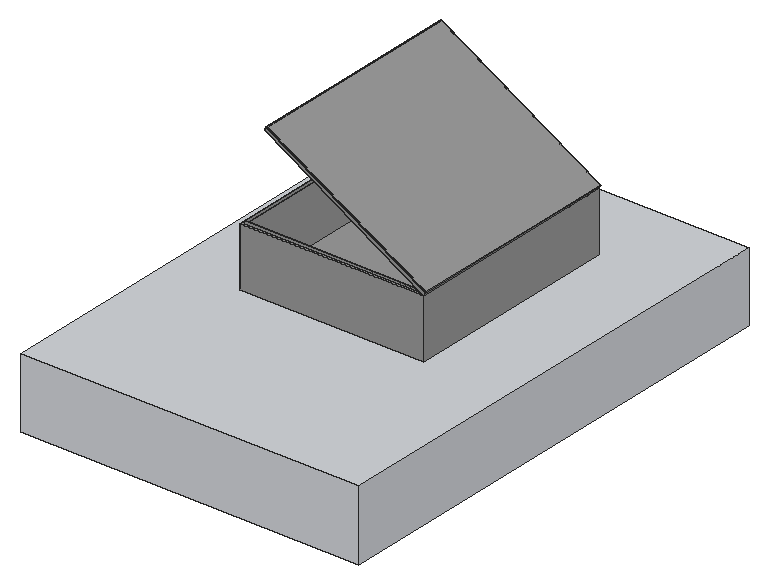
Revit family "Hager-Univers-IP55-D275-H950-Cl.I-Steel_encl-CH-de", category Equipement électrique, Revit 2020
Family settings
  Hôte = Face
  Configuration du panneau = Deux colonnes, circuits au sein
  Cote de connecteur circulaire = Utiliser le diamètre
  Type d'élément = Tableau de raccordement
  Couper avec des vides une fois chargée = Non
  Partagée = Non
  Point de calcul de pièce = Non
Parameters (values of type "Aufputz IP55 B800 H950 T275  - FR63E")
  Width Control [instance] = if([EF000008 - Breite] > Min Width, [EF000008 - Breite], Min Width)  # 800 mm
  Commentaires du type = [HG000003 - Bereich]  # "Univers"
  Thickness Door [instance] = if([EF009171 - Materialstärke Tür/Deckel] > 3 mm, 3 mm, [EF009171 - Materialstärke Tür/Deckel])  # 1.5 mm
  Seal Frame Offset [instance] = 17 mm  # constant formula
  Plinth Visibility [instance] = [HG000027 - Sockelhöhe] > 0 mm  # no
  Model = ""
  Min Width [instance] = 100 mm  # constant formula
  Min Height [instance] = 100 mm  # constant formula
  Min Depth [instance] = (2 * [EF009170 - Materialstärke Gehäuse]) + 1 mm  # 4 mm
  Internal Frame Depth [instance] = (Door System Depth * 0.5)  # 9 mm
  Height Control [instance] = if([EF000040 - Höhe] > Min Height, [EF000040 - Höhe], Min Height)  # 950 mm
  HG000027 - Sockelhöhe = 0 mm
  HG000026 - Stehend auf dem Boden = no
  HG000024 - Höhe des unteren Teils = 800 mm
  HG000023 - Gehäuse mit doppeltem Querschnitt = no
  HG000016 - 3D-Türsichtbarkeit [instance] = yes
  HG000015 - Sichtbarkeit der Türöffnung [instance] = no
  HG000014 - Tür rechts [instance] = yes
  HG000013 - Tür links [instance] = not([HG000014 - Tür rechts])  # no
  HG000012 - Türschwenkwinkel [instance] = 30.00°
  HG000010 - Asymmetrische Türen = no
  HG000009 - Doppelflügeligen Tür = no
  HG000006 - Unterputz = no
  HG000004 - Herstellerreferenz = "FR63E"
  HG000003 - Bereich = "Univers"
  HG000002 - Mit tür = yes
  Frame Offset Bottom [instance] = 10 mm  # constant formula
  Frame Offset [instance] = 15 mm  # constant formula
  EF015940 - Deckel mit Überdruckentlastung = no
  EF011959 - Schutzart (NEMA) = ""
  EF009554 - Anzahl der Öffnungen für Flanschplatten = 6
  Fabricant = "Hager"  # constant formula
  EF009212 - Ausführung Deckel = "EV000116 - geschlossen"
  EF009171 - Materialstärke Tür/Deckel = 1.5 mm
  EF009170 - Materialstärke Gehäuse = 1.5 mm
  EF008873 - Nennstrom (In) = 800 A
  EF007800 - Geeignet für Blitzschutz = no
  EF006306 - Mit Schloss = no
  EF006244 - Transparenter Deckel/Tür = no
  EF005474 - Schutzart (IP) = "EV006420 - IP55"
  EF004464 - Art der Tür = "EV002646 - Einzel"
  EF004427 - Anzahl der Module = 216
  EF004293 - Schlagfestigkeit = "EV008784 - IK10"
  EF003532 - Geeignet für Außengebrauch = no
  EF002950 - Breite in Teilungseinheiten = 24
  EF001613 - Funktionserhalt = "EV000494 - ohne"
  EF001596 - Werkstoff des Gehäuses = "EV000179 - Stahl"
  EF001131 - Innentiefe = 275 mm
  EF001088 - Anbaumöglichkeit = yes
  EF000437 - Anzahl der Leitungseinführungen = 6
  EF000339 - Art der Abdeckung = "EV004216 - Tür"
  EF000266 - Anzahl der Reihen = 6
  EF000218 - Einbautiefe = 0 mm
  EF000118 - Mit Montageplatte = no
  EF000116 - RAL-Nummer = "7035"
  EF000049 - Tiefe = 275 mm
  EF000040 - Höhe = 950 mm
  EF000008 - Breite = 800 mm
  EF000007 - Farbe = "EV000270 - grau"
  EF000003 - Montageart = "EV000384 - Aufputz"
  Door System Leaf Tolerance [instance] = 1.5 mm  # constant formula
  Door System Depth [instance] = 18 mm  # constant formula
  Door Height [instance] = Height Control - [HG000027 - Sockelhöhe]  # 950 mm
  Depth Control [instance] = if([EF000049 - Tiefe] > Min Depth, [EF000049 - Tiefe], Min Depth)  # 275 mm
  Default Elevation = 0 mm
  Connector Offset [instance] = Height Control / 2  # 475 mm
  Bottom Top Plate Trim [instance] = 1.5 mm  # constant formula
  Plinth height Ctrl [instance] = if([HG000027 - Sockelhöhe] > 0 mm, [HG000027 - Sockelhöhe], 12 mm)  # 12 mm
Types (5, lengths in mm): name | Width Control | HG000010 - Asymmetrische Türen | HG000009 - Doppelflügeligen Tür | HG000004 - Herstellerreferenz | EF009554 - Anzahl der Öffnungen für Flanschplatten | EF004464 - Art der Tür | EF004427 - Anzahl der Module | EF000437 - Anzahl der Leitungseinführungen | EF000008 - Breite
  Aufputz IP55 B1050 H950 T275  - FR64E | 1050 | no | yes | "FR64E" | 8 | "EV003602 - Doppel" | 288 | 8 | 1050
  Aufputz IP55 B1300 H950 T275  - FR65E | 1300 | yes | yes | "FR65E" | 10 | "EV003602 - Doppel" | 360 | 10 | 1300
  Aufputz IP55 B300 H950 T275  - FR61E | 300 | no | no | "FR61E" | 2 | "EV002646 - Einzel" | 72 | 2 | 300
  Aufputz IP55 B550 H950 T275  - FR62E | 550 | no | no | "FR62E" | 4 | "EV002646 - Einzel" | 144 | 4 | 550
  Aufputz IP55 B800 H950 T275  - FR63E | 800 | no | no | "FR63E" | 6 | "EV002646 - Einzel" | 216 | 6 | 800
Reference planes
  plane 1 "Center (Front/Back)": y = 0
  plane 2: z = 0
  plane 3 "Center (Left/Right)": x = 0
  plane 4: z = 275
  plane 5: y = 1.5
  plane 6: y = 475
  plane 7: y = 0
  plane 8: y = 950
  plane 9: z = 0
  plane 10: x = -385
  plane 11: x = 385
  plane 12: x = 383.5
  plane 13: x = -383.5
  plane 14: y = 948.5
  plane 15: x = -383
  plane 16: x = -400
  plane 17: x = 383
  plane 18: x = 400
  plane 19: x = 398.5
  plane 20: x = -398.5
  plane 21: y = 11.5
  plane 22: y = 950
  plane 23: y = 933.5
  plane 24: z = 257
  plane 25: z = 1.5
  plane 26: z = 255.5
  plane 27: z = 273.5
Forms (mm)
  Extrusion 1, solid
    sketch origin (0, 0, 0) x (1, 0, 0) y (0, 1, 0)
      loop
        line (-702.964, 1305) -> (-702.964, -811.445) -> (766.763, -811.445) -> (766.763, 1305) -> (-702.964, 1305)
    from 0 to -304.8
  Extrusion 2, solid, material "Hager_Steel_RAL7035_Light_Grey", visible <- "Plinth Visibility", detail levels medium+fine
    sketch origin (0, 0, 0) x (1, 0, 0) y (0, 1, 0)
      loop
        line (-400, 0) -> (400, 0) -> (400, 12) -> (-400, 12) -> (-400, 0)
    from 0 to 257
  Extrusion 3, solid, material "Hager_Steel_RAL7035_Light_Grey", detail levels medium+fine
    sketch origin (0, 0, 0) x (1, 0, 0) y (0, 1, 0)
      loop
        line (-400, 0) -> (400, 0) -> (400, 950) -> (-400, 950) -> (-400, 0)
    from 0 to 257
  Extrusion 4, void
    sketch origin (0, 0, 0) x (1, 0, 0) y (0, 1, 0)
      loop
        line (-398.5, 1.5) -> (398.5, 1.5) -> (398.5, 948.5) -> (-398.5, 948.5) -> (-398.5, 1.5)
    from 1.5 to 255.5
  Extrusion 5, void
    sketch origin (-381.607, -4572, 257) x (0, -1, 0) y (-1, 0, 0)
      loop
        line (-4583.5, 1.893) -> (-5505.5, 1.893) -> (-5505.5, -765.107) -> (-4583.5, -765.107) -> (-4583.5, 1.893)
    from 0 to 1.5 <- "EF009170 - Materialstärke Gehäuse"
  Extrusion 6, solid, material "Hager_Steel_RAL7035_Light_Grey", detail levels fine
    sketch origin (0, 0, 257) x (1, 0, 0) y (0, 1, 0)
      loop
        line (-383.5, 933.5) -> (-383.5, 11.5) -> (383.5, 11.5) -> (383.5, 933.5) -> (-383.5, 933.5)
      loop
        line (-385, 10) -> (385, 10) -> (385, 935) -> (-385, 935) -> (-385, 10)
    from 0 to 9 <- "Internal Frame Depth"
  Extrusion 7, solid, material "Hager_Steel_RAL7035_Light_Grey", detail levels coarse
    sketch origin (0, 0, 0) x (1, 0, 0) y (0, 1, 0)
      loop
        line (-400, 0) -> (400, 0) -> (400, 950) -> (-400, 950) -> (-400, 0)
    from 0 to 275
  Sweep 8, void
    path in 3D
      loop
        line (-400, 12, 0) -> (400, 12, 0) -> (400, 12, 257) -> (-400, 12, 257) -> (-400, 12, 0)
    profile origin (-400, 12, 128.5) x (-1, 0, 0) y (0, -1, 0)
      loop
        line (0, 0) -> (0, 1.5) -> (-1.5, 1.5)
        arc (-1.5, 1.5) -> (-1.061, 0.439) -> (0, 0) r 1.5
Cuts and joins
  Extrusion 4, Extrusion 5 cuts Extrusion 3
  Sweep 8 cuts Extrusion 2
Lines and regions (mm)
  Masking region 1
    outline origin (0, 0, 0) x (1, 0, 0) y (0, 0, 1)
      loop
        line (-400, 275) -> (-400, 0) -> (400, 0) -> (400, 275) -> (-400, 275)
  Masking region 2, detail levels medium+fine
    outline origin (0, 140, 0) x (0, 1, 0) y (0, 0, 1)
      loop
        line (-140, 0) -> (810, 0) -> (810, 257) -> (-140, 257) -> (-140, 0)
  Masking region 3, not visible, detail levels medium+fine
    outline origin (0, 297.922, 0) x (0, 1, 0) y (0, 0, 1)
      loop
        line (188.578, 0) -> (228.578, 0) -> (228.578, 263.5)
        arc (228.578, 263.5) -> (225.649, 270.571) -> (218.578, 273.5) r 10
        line (218.578, 273.5) -> (188.578, 273.5) -> (188.578, 0)
  Masking region 4, detail levels coarse
    outline origin (0, 0, 180) x (0, 1, 0) y (0, 0, 1)
      loop
        line (0, -180) -> (950, -180) -> (950, 95) -> (0, 95) -> (0, -180)
  Masking region 5, visible <- "Plinth Visibility", detail levels medium+fine
    outline origin (0, 52.24, 12.345) x (0, 0, -1) y (0, 1, 0)
      loop
        line (10.845, -40.24) -> (-243.155, -40.24)
        arc (-243.155, -40.24) -> (-243.594, -41.301) -> (-244.655, -41.74) r 1.5
        line (-244.655, -41.74) -> (-244.655, -52.24) -> (12.345, -52.24) -> (12.345, -41.74)
        arc (12.345, -41.74) -> (11.285, -41.301) -> (10.845, -40.24) r 1.5
  Masking region 6, detail levels medium+fine
    outline origin (-381.607, -4572, 257) x (-1, 0, 0) y (0, -1, 0)
      loop
        line (18.393, -5522) -> (18.393, -4572) -> (-781.607, -4572) -> (-781.607, -5522) -> (18.393, -5522)
  Masking region 7, visible <- "Plinth Visibility", detail levels medium+fine
    outline origin (-381.607, -4727, 257) x (-1, 0, 0) y (0, -1, 0)
      loop
        arc (16.893, -4739) -> (17.332, -4737.939) -> (18.393, -4737.5) r 1.5
        line (18.393, -4737.5) -> (18.393, -4727) -> (-781.607, -4727) -> (-781.607, -4737.5)
        arc (-781.607, -4737.5) -> (-780.546, -4737.939) -> (-780.107, -4739) r 1.5
        line (-780.107, -4739) -> (16.893, -4739)
  Masking region 8, detail levels coarse
    outline origin (-442.548, -4669.526, 257) x (-1, 0, 0) y (0, -1, 0)
      loop
        line (-42.548, -5619.526) -> (-42.548, -4669.526) -> (-842.548, -4669.526) -> (-842.548, -5619.526) -> (-42.548, -5619.526)
  sketch lines
    curve 1: line (-400, 12, 257) -> (-400, 12, 0)
    curve 2: line (400, 12, 257) -> (-400, 12, 257)
    curve 3: line (400, 12, 257) -> (400, 12, 0)
    curve 4: line (-400, 12, 0) -> (400, 12, 0)
Dimensions and locks
  "Depth Control": plane 4 to Extrusion 1
  "HG000027 - Sockelhöhe": plane 1 "Center (Front/Back)" to plane 7
  "EF009170 - Materialstärke Gehäuse": plane 5 to plane 7
  locked: connector elem to plane 3 "Center (Left/Right)"
  equal spacing: plane 8, plane 6, plane 7
  locked: connector elem to plane 6
  "EF009170 - Materialstärke Gehäuse": plane 8 to plane 14
  "EF009170 - Materialstärke Gehäuse": plane 10 to plane 13
  "EF009170 - Materialstärke Gehäuse": plane 12 to plane 11
  "Frame Offset": plane 20 to plane 13
  "Frame Offset": plane 12 to plane 19
  "EF009170 - Materialstärke Gehäuse": plane 16 to plane 20
  "EF009170 - Materialstärke Gehäuse": plane 19 to plane 18
  "Seal Frame Offset": plane 16 to plane 15
  "Seal Frame Offset": plane 17 to plane 18
  "Frame Offset Bottom": plane 21 to plane 5
  "Frame Offset": plane 14 to plane 23
  equal spacing: plane 16, plane 3 "Center (Left/Right)", plane 18
  "Width Control": plane 16 to plane 18
  "EF009170 - Materialstärke Gehäuse": plane 4 to plane 27
  "EF009170 - Materialstärke Gehäuse": plane 24 to plane 26
  "EF009170 - Materialstärke Gehäuse": plane 25 to level
  "Door System Depth": plane 4 to plane 24
  "Height Control": plane 1 "Center (Front/Back)" to Extrusion 7 sketch curve
  "Height Control": Masking region 4 sketch curve to plane 1 "Center (Front/Back)"
  "Height Control": plane 1 "Center (Front/Back)" to plane 22
  "Bottom Top Plate Trim": profile plane to Sweep 8 sketch curve
  "Bottom Top Plate Trim": Sweep 8 sketch curve to profile plane
  "Plinth height Ctrl": plane 1 "Center (Front/Back)" to Extrusion 2 sketch curve
  "Plinth height Ctrl": Masking region 5 sketch curve to plane 1 "Center (Front/Back)"
  "Plinth height Ctrl": plane 1 "Center (Front/Back)" to Masking region 7 sketch curve
  "Thickness Door": Extrusion 6 sketch curve to Extrusion 6 sketch curve  (x3)
  "Thickness Door": cut or joined group of Extrusion 3, Extrusion 4, Extrusion 5 to Extrusion 6 sketch curve
  radius of Masking region 3 sketch curve = 10 mm
  "Bottom Top Plate Trim": radius of Masking region 5 sketch curve  (x2)
  "Bottom Top Plate Trim": radius of Sweep 8 sketch curve
  "Bottom Top Plate Trim": radius of Masking region 7 sketch curve  (x2)
  aligned and locked: plane 2 to Extrusion 1
  aligned and locked: level to Extrusion 1
  aligned and locked: level to Masking region 1 sketch curve
  aligned and locked: Masking region 1 sketch curve to plane 18
  aligned and locked: Masking region 1 sketch curve to plane 16
  aligned and locked: plane 7 to Masking region 2 sketch curve
  aligned and locked: level to Masking region 3 sketch curve
  aligned and locked: Masking region 3 sketch curve to plane 27
  aligned and locked: level to Masking region 2 sketch curve
  aligned and locked: plane 1 "Center (Front/Back)" to Extrusion 2 sketch curve
  aligned and locked: Extrusion 3 sketch curve to plane 7
  aligned and locked: plane 16 to Extrusion 3 sketch curve
  aligned and locked: plane 18 to Extrusion 3 sketch curve
  aligned and locked: plane 20 to Extrusion 4 sketch curve
  aligned and locked: plane 19 to Extrusion 4 sketch curve
  aligned and locked: Extrusion 4 sketch curve to plane 5
  aligned and locked: Extrusion 4 to plane 25
  aligned and locked: plane 26 to Extrusion 4
  aligned and locked: plane 24 to Extrusion 3
  aligned and locked: Extrusion 5 sketch curve to plane 21
  aligned and locked: Extrusion 5 sketch curve to plane 13
  aligned and locked: Extrusion 5 sketch curve to plane 12
  aligned and locked: plane 18 to Extrusion 7 sketch curve
  aligned and locked: plane 1 "Center (Front/Back)" to Extrusion 7 sketch curve
  aligned and locked: plane 16 to Extrusion 7 sketch curve
  aligned and locked: plane 4 to Extrusion 7
  aligned and locked: Extrusion 7 to level
  aligned and locked: level to Masking region 4 sketch curve
  aligned and locked: Masking region 4 sketch curve to plane 1 "Center (Front/Back)"
  aligned and locked: Masking region 4 sketch curve to plane 4
  aligned and locked: nested 1 to level
  aligned and locked: nested 1 to plane 16
  aligned and locked: plane 8 to Extrusion 3 sketch curve
  aligned and locked: plane 23 to Extrusion 5 sketch curve
  aligned and locked: plane 14 to Extrusion 4 sketch curve
  aligned and locked: Masking region 2 sketch curve to plane 8
  aligned and locked: level to Masking region 5 sketch curve
  aligned and locked: plane 16 to Extrusion 2 sketch curve
  aligned and locked: plane 18 to Extrusion 2 sketch curve
  aligned and locked: Masking region 5 sketch curve to plane 24
  aligned and locked: Masking region 2 sketch curve to plane 24
  aligned and locked: plane 24 to Extrusion 2
  aligned and locked: profile plane to Sweep 8 sketch curve  (x2)
  aligned and locked: Masking region 6 sketch curve to plane 18
  aligned and locked: Masking region 6 sketch curve to plane 22
  aligned and locked: Masking region 6 sketch curve to plane 16
  aligned and locked: plane 8 to plane 22
  aligned and locked: Masking region 6 sketch curve to plane 7
  aligned and locked: Masking region 7 sketch curve to plane 16
  aligned and locked: Masking region 7 sketch curve to plane 1 "Center (Front/Back)"
  aligned and locked: Masking region 7 sketch curve to plane 18
  aligned and locked: Masking region 8 sketch curve to plane 1 "Center (Front/Back)"
  aligned and locked: Masking region 8 sketch curve to plane 18
  aligned and locked: Masking region 8 sketch curve to plane 22
  aligned and locked: Masking region 8 sketch curve to plane 16
  aligned and locked: nested 2 to plane 7
  aligned and locked: plane 3 "Center (Left/Right)" to nested 2
  aligned and locked: nested 2 to plane 24
  aligned and locked: Extrusion 6 sketch curve to cut or joined group of Extrusion 3, Extrusion 4, Extrusion 5  (x4)
Automatic sketch dimensions
  Extrusion 1 sketch curve to Extrusion 1 sketch curve = 1469.727 mm
  Extrusion 1 sketch curve to Extrusion 1 sketch curve = 2116.445 mm
  Masking region 1 sketch curve to plane 4 = 0 mm
  plane 6 to Masking region 3 sketch curve = 11.5 mm
  Masking region 3 sketch curve to Masking region 3 sketch curve = 30 mm
  Masking region 5 sketch curve to plane 1 "Center (Front/Back)" = 0 mm
Nested families
  nested 1: "Hager_Enclosure_Symbol" at (-400, 0, 0) x (1, 0, 0) z (0, -1, 0), Height <- "Depth Control", Width <- "Width Control", type "Hager_Enclosure_Symbol"
    with Width_Ctrl 800 mm, Width 800 mm, Height_Ctrl 275 mm, Height 275 mm, A_Width_Int 18.047 mm, A_Width 216.562 mm, A_Height_Ctrl 240.625 mm, A_Height 240.625 mm
  nested 2: "EC000058_Univers_Door" at (0, 0, 257) x (1, 0, 0) z (0, 1, 0), Leaf_Tolerance <- "Door System Leaf Tolerance", Angle <- "HG000012 - Türschwenkwinkel", Door_Depth <- "Door System Depth", Door_Left <- "HG000013 - Tür links", Transparent <- "EF006244 - Transparenter Deckel/Tür", Assymetrical <- "HG000010 - Asymmetrische Türen", Width <- "Width Control", Clearance <- "HG000015 - Sichtbarkeit der Türöffnung", Double <- "HG000009 - Doppelflügeligen Tür", 3d_Door <- "HG000016 - 3D-Türsichtbarkeit", Lock_Visibility <- "EF006306 - Mit Schloss", Width_Ctrl <- "Width Control", Door_Right <- "HG000014 - Tür rechts", Door <- "HG000002 - Mit tür", Height <- "Door Height", Thickness <- "Thickness Door", type "EC000058_Univers_Door", detail levels medium+fine
    with min_wh 4 mm, Width_Ctrl 800 mm, Width 800 mm, Transparent no, Thickness 1.5 mm, Seal_Material Hager_Rubber, Lock_Visibility no, Lock_Material Hager_Plastic_RAL9005_Jet_Black, Leaf_Width 800 mm, Leaf_Tolerance_External_Sides 0 mm, Leaf_Tolerance 1.5 mm, Leaf_Offset 0 mm, Leaf_Height 947 mm, Leaf_2_Width 800 mm, Leaf_2_Offset 400 mm, Leaf_1_Width 800 mm, Leaf_1_Offset 400 mm, Height_Ctrl 950 mm, Height 950 mm, Glass_Material Hager_Glass, Double_Clearance_Ctrl no, Double no, Door_Right_Ctrl yes, Door_Right yes, Door_Material Hager_Steel_RAL7035_Light_Grey, Door_Left_Ctrl no, Door_Left no, Door_Depth 18 mm, Door yes, Clearance_Material Hager_Clearance, Clearance_Depth 800 mm, Clearance_Ctrl no, Clearance no, Assymetrical no, Angle 30.00°, 3d_Door yes
Connectors
  electrical at (0, 475, 0)
    settings: on plane 9, index 1, voltage 0 V, apparent load 0 VA, apparent load phase1 0 VA, apparent load phase2 0 VA, apparent load phase3 0 VA, power factor 1, load classification "Other", number of poles 1, system type 30, power factor state 1, is connector primary yes, connector utility no, sub classification motor no, connector description ""
Definition of nested family "EC000058_Univers_Door"
  Parameters (values of type "EC000058_Univers_Door")
    min_wh [instance] = (2 * Thickness) + 1 mm  # 11 mm
    Width_Ctrl [instance] = 400 mm
    Width [instance] = 500 mm
    Transparent [instance] = yes
    Thickness [instance] = 5 mm
    Seal_Material [instance] = none
    Lock_Visibility [instance] = yes
    Lock_Material [instance] = none
    Leaf_Width [instance] = if((Width_Ctrl - 2 * Leaf_Tolerance_External_Sides) > 0 mm, (Width_Ctrl - 2 * Leaf_Tolerance_External_Sides), min_wh)  # 400 mm
    Leaf_Tolerance_External_Sides [instance] = 0 mm  # constant formula
    Leaf_Tolerance [instance] = 1.5 mm
    Leaf_Offset [instance] = 0 mm  # constant formula
    Leaf_Height [instance] = if((Height_Ctrl - 2 * Leaf_Tolerance) > 0 mm, (Height_Ctrl - 2 * Leaf_Tolerance), min_wh)  # 497 mm
    Leaf_2_Width [instance] = if(and(and(Double, Assymetrical), Door_Left), (Leaf_Width / 3) - (Leaf_Tolerance / 2), if(and(and(Double, Assymetrical), Door_Right), (Leaf_Width / 3) * 2 - (Leaf_Tolerance / 2), if(and(Double, not(Assymetrical)), (Leaf_Width / 2) - Leaf_Tolerance, Leaf_Width)))  # 400 mm
    Leaf_2_Offset [instance] = if(and(Double, Assymetrical), Leaf_2_Width / 2, if(and(Double, not(Assymetrical)), Leaf_Width / 4, Leaf_Width / 2))  # 200 mm
    Leaf_1_Width [instance] = if(and(and(Double, Assymetrical), Door_Right), (Leaf_Width / 3) - (Leaf_Tolerance / 2), if(and(and(Double, Assymetrical), Door_Left), (Width / 3) * 2 - (Leaf_Tolerance / 2), if(and(Double, not(Assymetrical)), (Leaf_Width / 2) - Leaf_Tolerance, Leaf_Width)))  # 400 mm
    Leaf_1_Offset [instance] = if(and(Double, Assymetrical), Leaf_1_Width / 2, if(and(Double, not(Assymetrical)), Leaf_Width / 4, Leaf_Width / 2))  # 200 mm
    Height_Ctrl [instance] = if(Height > min_wh, Height, min_wh)  # 500 mm
    Height [instance] = 500 mm
    Glass_Material [instance] = none
    Double_Clearance_Ctrl [instance] = and(Double, Clearance)  # no
    Double [instance] = no
    Door_Right_Ctrl [instance] = and(or(Door_Right, Double), Door)  # yes
    Door_Right [instance] = yes
    Door_Material [instance] = none
    Door_Left_Ctrl [instance] = and(or(Door_Left, Double), Door)  # no
    Door_Left [instance] = no
    Door_Depth [instance] = 30 mm
    Door [instance] = yes
    Default Elevation = 1219.2 mm
    Clearance_Material [instance] = none
    Clearance_Depth [instance] = if(Leaf_1_Width > Leaf_2_Width, Leaf_1_Width, Leaf_2_Width)  # 400 mm
    Clearance_Ctrl [instance] = and(not(Double), Clearance)  # yes
    Clearance [instance] = yes
    Assymetrical [instance] = yes
    Angle [instance] = 30.00°
    3d_Door [instance] = yes
  Reference planes
    plane 1 "Center (Front/Back)": y = 0
    plane 2 "Bottom": z = 0
    plane 3 "Center (Left/Right)": x = 0
    plane 4: z = 500
    plane 5: x = -200
    plane 6: x = 200
    plane 7: z = 500
    plane 8: x = -200
    plane 9: z = 0
    plane 10: x = 200
    plane 11: y = 0
    plane 12: z = 1.5
    plane 13: x = -600
    plane 14: y = -400
    plane 15: x = 600
    plane 16: x = 0
    plane 17: x = 0
    plane 18: x = -200
    plane 19: x = 200
    plane 20: z = 498.5
  Forms (mm)
    Extrusion 1, solid, material <- "Clearance_Material", visible <- "Double_Clearance_Ctrl"
      sketch origin (1200, 0, 0) x (1, 0, 0) y (0, 0, -1)
        loop
          line (-1800, -498.5) -> (-600, -498.5) -> (-600, 0) -> (-1800, 0) -> (-1800, -498.5)
      from 0 to -400
  Dimensions and locks
    equal spacing: plane 5, plane 3 "Center (Left/Right)", plane 6
    "Width_Ctrl": plane 5 to plane 6
    "Leaf_Offset": plane 5 to plane 8
    "Leaf_Offset": plane 6 to plane 10
    "Leaf_Offset": plane 9 to level
    "Leaf_Offset": plane 4 to plane 7
    "Height_Ctrl": plane 4 to level
    "Leaf_Tolerance": plane 12 to plane 9
    locked: plane 11 to plane 1 "Center (Front/Back)"
    "Leaf_1_Offset": plane 18 to plane 16
    "Leaf_2_Offset": plane 17 to plane 19
    "Leaf_1_Width": plane 13 to plane 8
    "Leaf_2_Width": plane 10 to plane 15
    "Clearance_Depth": plane 14 to plane 1 "Center (Front/Back)"
    "Leaf_Tolerance_External_Sides": plane 8 to plane 18
    "Leaf_Tolerance_External_Sides": plane 19 to plane 10
    "Leaf_Tolerance": plane 7 to plane 20
    aligned and locked: level to plane 2 "Bottom"
    aligned and locked: nested 1 to plane 16
    aligned and locked: nested 2 to plane 17
    aligned and locked: Extrusion 1 to plane 13
    aligned and locked: plane 15 to Extrusion 1
    aligned and locked: Extrusion 1 to plane 14
    aligned and locked: plane 12 to nested 1
    aligned and locked: nested 2 to plane 12
    aligned and locked: Extrusion 1 to plane 11
    aligned and locked: plane 20 to Extrusion 1
    aligned and locked: nested 2 to plane 11
    aligned and locked: nested 1 to plane 11
  Automatic sketch dimensions
    Extrusion 1 sketch curve to level = 0 mm
    plane 5 to Extrusion 1 sketch curve = 400 mm
    plane 6 to Extrusion 1 sketch curve = 400 mm
    Extrusion 1 sketch curve to plane 4 = 1.5 mm
  Nested families
    nested 1: "EC000058_Univers_Door_Leaf" at (0, 0, 1.5), Width <- "Leaf_1_Width", visible <- "Door_Left_Ctrl", Leaf_Height <- "Leaf_Height", Angle <- "Angle", 3d_Door <- "3d_Door", Transparent <- "Transparent", Clearance Material <- "Clearance_Material", Clearance <- "Clearance_Ctrl", Door_Material <- "Door_Material", Glass_Material <- "Glass_Material", Door_Depth <- "Door_Depth", Lock_Material <- "Lock_Material", Seal_Material <- "Seal_Material", Lock_Visibility <- "Lock_Visibility", Thickness <- "Thickness", type "EC000058_Univers_Door_Leaf"
      with Width 400 mm, Transparent_Glass_Offset 30 mm, Transparent_Ctrl yes, Transparent yes, Thickness 5 mm, Standard no, Seal_Material none, Seal_D2 8 mm, Seal_D1 1 mm, Offset_Internal_Frame 10 mm, Lock_Width 20 mm, Lock_Visibility_3d yes, Lock_Visibility yes, Lock_Thickness_3 3 mm, Lock_Thickness_2 1 mm, Lock_Thickness_1 3 mm, Lock_Radius_Offset_2 16 mm, Lock_Radius_Offset_1 15 mm, Lock_Radius_2 5 mm, Lock_Radius 6 mm, Lock_Offset 5 mm, Lock_Material none, Lock_Height 80 mm, Lock_Cover_Top_Offset_2d 17 mm, Lock_Cover_Height -65 mm, Leaf_Height 497 mm, Internal_Seal_Thickness 8 mm, Internal_Seal_Depth_2 4.5 mm, Internal_Frame_Depth 25 mm, Glass_Thickness -1 mm, Glass_Offset -2 mm, Glass_Material none, Door_Material none, Door_Depth 30 mm, Clearance Material none, Clearance yes, Angle_Ctrl 30.00°, Angle 30.00°, 3d_Door yes
    nested 2: "EC000058_Univers_Door_Leaf" at (0, 0, 1.5) x (-1, 0, 0) z (0, 0, 1), Width <- "Leaf_2_Width", visible <- "Door_Right_Ctrl", Leaf_Height <- "Leaf_Height", Angle <- "Angle", 3d_Door <- "3d_Door", Transparent <- "Transparent", Clearance Material <- "Clearance_Material", Clearance <- "Clearance_Ctrl", Door_Material <- "Door_Material", Glass_Material <- "Glass_Material", Door_Depth <- "Door_Depth", Lock_Material <- "Lock_Material", Seal_Material <- "Seal_Material", Lock_Visibility <- "Lock_Visibility", Thickness <- "Thickness", type "EC000058_Univers_Door_Leaf"
      with Width 400 mm, Transparent_Glass_Offset 30 mm, Transparent_Ctrl yes, Transparent yes, Thickness 5 mm, Standard no, Seal_Material none, Seal_D2 8 mm, Seal_D1 1 mm, Offset_Internal_Frame 10 mm, Lock_Width 20 mm, Lock_Visibility_3d yes, Lock_Visibility yes, Lock_Thickness_3 3 mm, Lock_Thickness_2 1 mm, Lock_Thickness_1 3 mm, Lock_Radius_Offset_2 16 mm, Lock_Radius_Offset_1 15 mm, Lock_Radius_2 5 mm, Lock_Radius 6 mm, Lock_Offset 5 mm, Lock_Material none, Lock_Height 80 mm, Lock_Cover_Top_Offset_2d 17 mm, Lock_Cover_Height -65 mm, Leaf_Height 497 mm, Internal_Seal_Thickness 8 mm, Internal_Seal_Depth_2 4.5 mm, Internal_Frame_Depth 25 mm, Glass_Thickness -1 mm, Glass_Offset -2 mm, Glass_Material none, Door_Material none, Door_Depth 30 mm, Clearance Material none, Clearance yes, Angle_Ctrl 30.00°, Angle 30.00°, 3d_Door yes
  Definition of nested family "EC000058_Univers_Door_Leaf"
    Parameters (values of type "EC000058_Univers_Door_Leaf")
      Width [instance] = 2000 mm
      Transparent_Glass_Offset [instance] = 30 mm
      Transparent_Ctrl [instance] = and(Transparent, [3d_Door])  # yes
      Transparent [instance] = yes
      Thickness [instance] = 5 mm
      Standard [instance] = and(not(Transparent), [3d_Door])  # no
      Seal_Material [instance] = none
      Seal_D2 [instance] = 8 mm  # constant formula
      Seal_D1 [instance] = 1 mm  # constant formula
      Offset_Internal_Frame [instance] = 10 mm  # constant formula
      Lock_Width [instance] = 20 mm  # constant formula
      Lock_Visibility_3d [instance] = and(Lock_Visibility, [3d_Door])  # yes
      Lock_Visibility [instance] = yes
      Lock_Thickness_3 [instance] = 3 mm  # constant formula
      Lock_Thickness_2 [instance] = 1 mm  # constant formula
      Lock_Thickness_1 [instance] = 3 mm  # constant formula
      Lock_Radius_Offset_2 [instance] = Lock_Radius_Offset_1 + 1 mm  # 16 mm
      Lock_Radius_Offset_1 [instance] = 15 mm  # constant formula
      Lock_Radius_2 [instance] = Lock_Radius - 1 mm  # 5 mm
      Lock_Radius [instance] = 6 mm  # constant formula
      Lock_Offset [instance] = 5 mm  # constant formula
      Lock_Material [instance] = none
      Lock_Height [instance] = 80 mm  # constant formula
      Lock_Cover_Top_Offset_2d [instance] = Lock_Radius_Offset_2 + 1 mm  # 17 mm
      Lock_Cover_Height [instance] = -(Lock_Height - Lock_Radius_Offset_1)  # -65 mm
      Leaf_Height [instance] = 2720.336 mm
      Internal_Seal_Thickness [instance] = 8 mm  # constant formula
      Internal_Seal_Depth_2 [instance] = 4.5 mm  # constant formula
      Internal_Frame_Depth [instance] = if(Door_Depth - Thickness > 5 mm, Door_Depth - Thickness, 5 mm)  # 25 mm
      Glass_Thickness [instance] = if(Thickness > 15 mm, Glass_Offset + 10 mm, -1 mm)  # -1 mm
      Glass_Offset [instance] = if(Thickness > 15 mm, -(Thickness + 10 mm) / 2, -2 mm)  # -2 mm
      Glass_Material [instance] = none
      Door_Material [instance] = none
      Door_Depth [instance] = 30 mm
      Default Elevation = 0 mm
      Clearance Material [instance] = none
      Clearance [instance] = yes
      Angle_Ctrl [instance] = if(Angle > 180.00°, 180.00°, Angle)  # 90.00°
      Angle [instance] = 90.00°
      3d_Door [instance] = yes
    Reference planes
      plane 1 "Center (Front/Back)": y = 0
      plane 2: z = 0
      plane 3 "Center (Left/Right)": x = 0
      plane 4: y = 2000
      plane 5: x = -1000
      plane 6: x = 1000
      plane 7: x = -3000
      plane 8: z = 2720.336
      plane 9: z = 30
      plane 10: z = 2690.336
      plane 11: x = 970
      plane 12: x = -970
      plane 13: y = -3
      plane 14: z = 107.833
      plane 15: y = -5
      plane 16: y = -223.314
      plane 17: x = -1000
      plane 18: z = 1360.168
      plane 19: y = 30
    Forms (mm)
      Extrusion 1, solid, material <- "Clearance Material", visible <- "Clearance"
        sketch origin (0, 0, 0) x (1, 0, 0) y (0, 0, 1)
          loop
            line (-3000, 2720.336) -> (-3000, 0) -> (1000, 0) -> (1000, 2720.336) -> (-3000, 2720.336)
        from 0 to -2000
      Extrusion 2, solid, material <- "Door_Material", visible <- "Standard", detail levels medium+fine
        sketch origin (-1000, 0, 0) x (0, 1, 0) y (-1, 0, 0)
          loop
            line (0, 30) -> (0, 25) -> (2000, 25) -> (2000, 30) -> (0, 30)
        from 0 to 2720.336 <- "Leaf_Height"
      Extrusion 3, solid, material <- "Door_Material", visible <- "Transparent_Ctrl", detail levels medium+fine
        sketch origin (-1000, 0, 0) x (0, 1, 0) y (-1, 0, 0)
          loop
            line (0, 25) -> (2000, 25) -> (2000, 30) -> (0, 30) -> (0, 25)
        from 0 to 2720.336 <- "Leaf_Height"
      Extrusion 4, void
        sketch origin (-1025, 2000, 0) x (0, 1, 0) y (0, 0, -1)
          loop
            line (-30, -2690.336) -> (-30, -30) -> (-1970, -30) -> (-1970, -2690.336) -> (-30, -2690.336)
        from 0 to 5 <- "Thickness"
      Sweep 5, solid, material <- "Seal_Material", visible <- "Transparent_Ctrl", detail levels fine
        path in 3D
          loop
            line (-1025, 30, 30) -> (-1025, 30, 2690.336) -> (-1025, 1970, 2690.336) -> (-1025, 1970, 30) -> (-1025, 30, 30)
        profile origin (-1025, 1000, 30) x (1, 0, 0) y (0, 0, 1)
          loop
            line (0, 0) -> (0, -8) -> (1, -8) -> (1, 0) -> (0, 0)
      Extrusion 6, solid, material <- "Glass_Material", visible <- "Transparent_Ctrl", detail levels medium+fine
        sketch origin (-1030, 0, 0) x (0, 1, 0) y (0, 0, -1)
          loop
            line (1970, -2690.336) -> (1970, -30) -> (30, -30) -> (30, -2690.336) -> (1970, -2690.336)
        from -2 <- "Glass_Offset" to -1 <- "Glass_Thickness"
      Extrusion 7, solid, material <- "Door_Material", visible <- "3d_Door", detail levels medium+fine
        sketch origin (-1025, 2000, 0) x (0, -1, 0) y (0, 0, -1)
          loop
            line (0, -2720.336) -> (2000, -2720.336) -> (2000, 0) -> (0, 0) -> (0, -2720.336)
          loop
            line (1995, -5) -> (5, -5) -> (5, -2715.336) -> (1995, -2715.336) -> (1995, -5)
        from 0 to 25 <- "Internal_Frame_Depth"
      Sweep 8, solid, material <- "Seal_Material", visible <- "Transparent_Ctrl", detail levels fine
        path in 3D
          loop
            line (-1025, 0, 0) -> (-1025, 2000, 0) -> (-1025, 2000, 2720.336) -> (-1025, 0, 2720.336) -> (-1025, 0, 0)
        profile origin (-1025, 0, 1360.168) x (1, 0, 0) y (0, 1, 0)
          loop
            line (0, 10) -> (2.975, 10)
            arc (2.975, 10) -> (4.053, 10.447) -> (4.5, 11.525) r 1.525
            line (4.5, 11.525) -> (4.5, 16.527)
            arc (4.5, 16.527) -> (4.069, 17.569) -> (3.027, 18) r 1.473
            line (3.027, 18) -> (0, 18) -> (0, 10)
      Extrusion 9, solid, material <- "Lock_Material", visible <- "Lock_Visibility_3d", detail levels fine
        sketch origin (-1030, 0, 0) x (0, 1, 0) y (0, 0, -1)
          loop
            arc (1993.5, -1400.168) -> (1994.561, -1399.729) -> (1995, -1398.668) r 1.5
            line (1995, -1398.668) -> (1995, -1320.168) -> (1975, -1320.168) -> (1975, -1398.668)
            arc (1975, -1398.668) -> (1975.439, -1399.729) -> (1976.5, -1400.168) r 1.5
            line (1976.5, -1400.168) -> (1993.5, -1400.168)
        from 3 <- "Lock_Thickness_1" to 0
      Blend 10, solid, material <- "Lock_Material", visible <- "Lock_Visibility_3d", detail levels fine
        base sketch origin (-1033, 0, 0) x (0, 1, 0) y (0, 0, -1)
          loop
            line (1975, -1320.168) -> (1975, -1398.668)
            arc (1975, -1398.668) -> (1975.439, -1399.729) -> (1976.5, -1400.168) r 1.5
            line (1976.5, -1400.168) -> (1993.5, -1400.168)
            arc (1993.5, -1400.168) -> (1994.561, -1399.729) -> (1995, -1398.668) r 1.5
            line (1995, -1398.668) -> (1995, -1320.168) -> (1975, -1320.168)
        top sketch origin (-1033, 0, 0) x (0, 1, 0) y (0, 0, -1)
          loop
            line (1976, -1320.168) -> (1976, -1398.668)
            arc (1976, -1398.668) -> (1976.146, -1399.022) -> (1976.5, -1399.168) r 0.5
            line (1976.5, -1399.168) -> (1993.5, -1399.168)
            arc (1993.5, -1399.168) -> (1993.854, -1399.022) -> (1994, -1398.668) r 0.5
            line (1994, -1398.668) -> (1994, -1320.168) -> (1976, -1320.168)
        from 0 to 1 <- "Lock_Thickness_2"
      Blend 11, solid, material <- "Lock_Material", visible <- "Lock_Visibility_3d", detail levels fine
        base sketch origin (-1034, 0, 0) x (0, 1, 0) y (0, 0, -1)
          loop
            line (1978, -1320.168) -> (1978, -1384.168)
            arc (1978, -1384.168) -> (1985, -1391.168) -> (1992, -1384.168) r 7
            line (1992, -1384.168) -> (1992, -1320.168) -> (1978, -1320.168)
        top sketch origin (-1034, 0, 0) x (0, 1, 0) y (0, 0, -1)
          loop
            line (1991, -1320.168) -> (1979, -1320.168) -> (1979, -1383.168)
            arc (1979, -1383.168) -> (1985, -1389.168) -> (1991, -1383.168) r 6
            line (1991, -1383.168) -> (1991, -1320.168)
        from 0 to 3 <- "Lock_Thickness_3"
      Extrusion 12, solid, material <- "Lock_Material", visible <- "Lock_Visibility_3d", detail levels fine
        sketch origin (-1030, 1975, 1320.168) x (1, 0, 0) y (0, -1, 0)
          loop
            line (-7, -19) -> (-7, -1) -> (0, -1) -> (0, 0) -> (-8, 0) -> (-8, -20) -> (0, -20) -> (0, -19) -> (-7, -19)
        from 0 to -65 <- "Lock_Cover_Height"
      Extrusion 13, void
        sketch origin (-1038, 1995, 1320.168) x (-1, 0, 0) y (0, 0, -1)
          loop
            line (-5, -65) -> (0, -65) -> (-5, -60) -> (-5, -65)
        from 0 to 20 <- "Lock_Width"
      Extrusion 14, void
        sketch origin (-1038, 1975, 1320.168) x (0, -1, 0) y (0, 0, -1)
          loop
            circle (-10, -15.995) r 6
          loop
            circle (-10, -15.995) r 5
        from 0 to 2
      Extrusion 15, solid, material <- "Lock_Material", visible <- "Lock_Visibility_3d", detail levels medium
        sketch origin (-1030, 0, 0) x (0, 1, 0) y (0, 0, -1)
          loop
            arc (1993.5, -1400.168) -> (1994.561, -1399.729) -> (1995, -1398.668) r 1.5
            line (1995, -1398.668) -> (1995, -1320.168) -> (1975, -1320.168) -> (1975, -1398.668)
            arc (1975, -1398.668) -> (1975.439, -1399.729) -> (1976.5, -1400.168) r 1.5
            line (1976.5, -1400.168) -> (1993.5, -1400.168)
        from 8 to 0
    Cuts and joins
      Extrusion 4 cuts Extrusion 3
      Extrusion 13, Extrusion 14 cuts Extrusion 9
      Extrusion 14 cuts Blend 11
      Extrusion 13, Extrusion 14 cuts Extrusion 12
      joined: Extrusion 9, Blend 10, Blend 11, Extrusion 12
      Extrusion 14 cuts Extrusion 15
    Lines and regions (mm)
      Masking region 1, visible <- "Lock_Visibility", detail levels fine
        outline origin (0, 0, 0) x (0, 1, 0) y (0, 0, 1)
          loop
            line (30, 1320.168) -> (33, 1320.168) -> (33, 1400.168) -> (30, 1400.168) -> (30, 1320.168)
      Masking region 2, visible <- "Lock_Visibility", detail levels fine
        outline origin (0, 3.143, 0) x (0, 1, 0) y (0, 0, 1)
          loop
            line (29.857, 1354.168) -> (30.857, 1354.168) -> (30.857, 1366.168) -> (29.857, 1366.168) -> (29.857, 1354.168)
      Masking region 3, detail levels medium+fine
        outline origin (0, 0, 0) x (0, 1, 0) y (0, 0, 1)
          loop
            line (0, 0) -> (30, 0) -> (30, 2720.336) -> (0, 2720.336) -> (0, 0)
      Masking region 4, detail levels medium+fine
        outline origin (0, 0, 0) x (1, 0, 0) y (0, 0, 1)
          loop
            line (-1000, 2720.336) -> (-1000, 0) -> (1000, 0) -> (1000, 2720.336) -> (-1000, 2720.336)
      Masking region 5, visible <- "Lock_Visibility", detail levels fine
        outline origin (-47.116, 0, 0) x (1, 0, 0) y (0, 0, 1)
          loop
            arc (1024.616, 1399.168) -> (1023.556, 1398.729) -> (1023.116, 1397.668) r 1.5
            line (1023.116, 1397.668) -> (1023.116, 1320.168) -> (1041.116, 1320.168) -> (1041.116, 1397.668)
            arc (1041.116, 1397.668) -> (1040.677, 1398.729) -> (1039.616, 1399.168) r 1.5
            line (1039.616, 1399.168) -> (1024.616, 1399.168)
      Masking region 6, visible <- "Lock_Visibility", detail levels medium+fine
        outline origin (-25, 0, 0) x (1, 0, 0) y (0, 0, 1)
          loop
            arc (1001.5, 1400.168) -> (1000.439, 1399.729) -> (1000, 1398.668) r 1.5
            line (1000, 1398.668) -> (1000, 1320.168) -> (1020, 1320.168) -> (1020, 1398.668)
            arc (1020, 1398.668) -> (1019.561, 1399.729) -> (1018.5, 1400.168) r 1.5
            line (1018.5, 1400.168) -> (1001.5, 1400.168)
      Masking region 7, visible <- "Lock_Visibility", detail levels fine
        outline origin (-73.735, 0, 0) x (1, 0, 0) y (0, 0, 1)
          loop
            line (1051.735, 1382.168) -> (1065.735, 1382.168) -> (1065.735, 1384.168)
            arc (1065.735, 1384.168) -> (1058.735, 1391.168) -> (1051.735, 1384.168) r 7
            line (1051.735, 1384.168) -> (1051.735, 1382.168)
      Masking region 8, visible <- "Lock_Visibility", detail levels fine
        outline origin (-73.735, 0, 0) x (1, 0, 0) y (0, 0, 1)
          loop
            line (1052.735, 1382.168) -> (1064.735, 1382.168) -> (1064.735, 1383.168)
            arc (1064.735, 1383.168) -> (1058.735, 1389.168) -> (1052.735, 1383.168) r 6
            line (1052.735, 1383.168) -> (1052.735, 1382.168)
      Masking region 9, visible <- "Lock_Visibility", detail levels fine
        outline origin (-25, 0, 0) x (1, 0, 0) y (0, 0, 1)
          loop
            line (1020, 1320.168) -> (1020, 1382.168) -> (1000, 1382.168) -> (1000, 1320.168) -> (1020, 1320.168)
      Masking region 10, detail levels medium+fine
        outline origin (0, 0, 0) x (1, 0, 0) y (0, 0, 1)
          loop
            circle (985, 1335.144) r 6
      Masking region 11, detail levels fine
        outline origin (0, 0, 0) x (1, 0, 0) y (0, 0, 1)
          loop
            circle (985, 1335.144) r 5
      Masking region 12, visible <- "Lock_Visibility", detail levels fine
        outline origin (0, 12.767, 0) x (0, 1, 0) y (0, 0, 1)
          loop
            line (20.233, 1320.168) -> (21.233, 1320.168) -> (21.233, 1399.168) -> (20.233, 1400.168) -> (20.233, 1320.168)
      Masking region 13, visible <- "Lock_Visibility", detail levels fine
        outline origin (0, 13.767, -10) x (0, 1, 0) y (0, 0, 1)
          loop
            line (20.233, 1330.168) -> (23.233, 1330.168) -> (23.233, 1399.168) -> (20.233, 1402.168) -> (20.233, 1330.168)
      Masking region 14, visible <- "Lock_Visibility", detail levels fine
        outline origin (0, 12.767, -10) x (0, 1, 0) y (0, 0, 1)
          loop
            line (20.233, 1330.168) -> (25.233, 1330.168) -> (25.233, 1399.305) -> (20.233, 1394.305) -> (20.233, 1330.168)
      Masking region 15, visible <- "Lock_Visibility", detail levels medium
        outline origin (0, 0, 0) x (0, 1, 0) y (0, 0, 1)
          loop
            line (30, 1320.168) -> (38, 1320.168) -> (38, 1400.168) -> (30, 1400.168) -> (30, 1320.168)
      Masking region 16, visible <- "Lock_Visibility", detail levels fine
        outline origin (-1000, 0, 0) x (0, 1, 0) y (-1, 0, 0)
          loop
            line (1975, 30) -> (1995, 30) -> (1995, 38) -> (1975, 38) -> (1975, 30)
          loop
            line (1979, 37) -> (1976, 37) -> (1976, 34) -> (1978, 34) -> (1979, 37)
          loop
            line (1994, 37) -> (1991, 37) -> (1992, 34) -> (1994, 34) -> (1994, 37)
      Masking region 17, visible <- "Lock_Visibility", detail levels medium
        outline origin (-1000, 0, 0) x (0, 1, 0) y (-1, 0, 0)
          loop
            line (1975, 30) -> (1995, 30) -> (1995, 38) -> (1975, 38) -> (1975, 30)
      symbolic lines
        curve 1: line (1000, 0, 0) -> (-3000, 0, 0)
        curve 2: arc (1000, 0, 0) -> (-1000, 2000, 0) -> (-3000, 0, 0) r 2000
        curve 4: line (-1030, 0, 0) -> (-1030, 2000, 0)
      reference lines
        curve 3: line (-1000, 0, 0) -> (-1000, 2000, 0)
      symbolic lines, detail levels medium+fine
        curve 5: line (-1030, 2000, 0) -> (-1025, 2000, 0)
        curve 7: line (-1025, 0, 0) -> (-1030, 0, 0)
        curve 8: line (-1025, 0, 0) -> (-1000, 0, 0)
        curve 9: line (-1000, 0, 0) -> (-1000, 2000, 0)
        curve 10: line (-1000, 2000, 0) -> (-1025, 2000, 0)
      symbolic lines, detail levels fine
        curve 6: line (-1025, 2000, 0) -> (-1025, 0, 0)
      sketch lines
        curve 11: line (-1025, 0, 2720.336) -> (-1025, 0, 0)
        curve 12: line (-1025, 2000, 0) -> (-1025, 0, 0)
        curve 13: line (-1025, 2000, 2720.336) -> (-1025, 2000, 0)
        curve 14: line (-1025, 0, 2720.336) -> (-1025, 2000, 2720.336)
        curve 15: line (-1025, 1970, 30) -> (-1025, 30, 30)
        curve 16: line (-1025, 30, 30) -> (-1025, 30, 2690.336)
        curve 17: line (-1025, 1970, 2690.336) -> (-1025, 1970, 30)
        curve 18: line (-1025, 30, 2690.336) -> (-1025, 1970, 2690.336)
      symbolic lines, visible <- "Transparent", detail levels medium+fine
        curve 19: line (-970, 0, 2690.336) -> (970, 0, 2690.336)
        curve 20: line (-970, 0, 30) -> (-970, 0, 2690.336)
        curve 21: line (970, 0, 30) -> (-970, 0, 30)
        curve 22: line (970, 0, 2690.336) -> (970, 0, 30)
    Dimensions and locks
      "Width": plane 1 "Center (Front/Back)" to plane 4
      equal spacing: plane 5, plane 3 "Center (Left/Right)", plane 6
      "Width": plane 5 to plane 6
      "Width": plane 7 to plane 5
      "Leaf_Height": plane 8 to level
      "Width": curve 5 to curve 3
      "Width": curve 3 to curve 3
      plane 8 to plane 10 = 30 mm
      plane 9 to level = 30 mm
      plane 12 to plane 5 = 30 mm
      plane 6 to plane 11 = 30 mm
      Extrusion 1 to Extrusion 4 sketch curve = 30 mm
      "Transparent_Glass_Offset": curve 3 to Extrusion 4 sketch curve
      "Transparent_Glass_Offset": Extrusion 4 sketch curve to cut or joined group of Extrusion 3, Extrusion 4  (x2)
      cut or joined group of Extrusion 3, Extrusion 4 to Extrusion 6 sketch curve = 30 mm
      "Transparent_Glass_Offset": cut or joined group of Extrusion 3, Extrusion 4 to Extrusion 4 sketch curve
      "Thickness": curve 6 to curve 4
      "Thickness": Extrusion 7 sketch curve to Extrusion 7 sketch curve  (x4)
      "Door_Depth": curve 4 to curve 3
      "Offset_Internal_Frame": profile plane to Sweep 8 sketch curve
      "Internal_Seal_Thickness": Sweep 8 sketch curve to Sweep 8 sketch curve
      "Internal_Seal_Depth_2": profile plane to Sweep 8 sketch curve
      "Seal_D1": profile plane to Sweep 5 sketch curve
      "Seal_D2": profile plane to Sweep 5 sketch curve
      "Thickness": Extrusion 2 sketch curve to Extrusion 2 sketch curve
      equal spacing: Extrusion 9 sketch curve, plane 18, Extrusion 9 sketch curve  (x2)
      equal spacing: Masking region 1 sketch curve, plane 18, Masking region 1 sketch curve
      "Lock_Height": Masking region 1 sketch curve to Masking region 1 sketch curve
      "Lock_Radius": Masking region 2 sketch curve to plane 18 to Masking region 2 sketch curve
      Masking region 2 sketch curve to Masking region 1 = 1 mm
      "Door_Depth": plane 19 to plane 1 "Center (Front/Back)"
      "Lock_Thickness_1": Masking region 1 sketch curve to plane 19
      "Lock_Width": Extrusion 9 sketch curve to Extrusion 9 sketch curve
      "Lock_Height": Extrusion 9 sketch curve to Extrusion 9 sketch curve
      "Lock_Offset": cut or joined group of Extrusion 3, Extrusion 4 to Extrusion 9 sketch curve
      equal spacing: plane 8, plane 18, level
      "Lock_Radius_Offset_1": Blend 11 sketch curve to Blend 10
      locked: Blend 10 to Blend 11 sketch curve at 2  (x2)
      locked: var sketch to Blend 11 sketch curve at 1  (x2)
      "Lock_Radius_Offset_2": Blend 11 sketch curve to Blend 10
      locked: Extrusion 12 sketch curve to Extrusion 12 sketch curve at 1  (x3)
      Masking region 6 sketch curve to Masking region 6 sketch curve = 80 mm
      "Lock_Height": Masking region 6 sketch curve to Masking region 6 sketch curve
      "Lock_Width": Masking region 6 sketch curve to Masking region 6 sketch curve
      locked: Masking region 6 to Masking region 5 sketch curve at 1  (x3)
      locked: Masking region 5 to Masking region 7 sketch curve at 2  (x2)
      "Lock_Radius_Offset_1": Masking region 5 to Masking region 7 sketch curve
      "Lock_Radius_Offset_2": Masking region 5 to Masking region 8 sketch curve
      locked: Masking region 7 to Masking region 8 sketch curve at 1  (x2)
      "Lock_Cover_Top_Offset_2d": Masking region 5 to Masking region 9 sketch curve
      equal spacing: Masking region 9, Masking region 10 sketch curve, Masking region 9
      equal spacing: Masking region 9, Masking region 11 sketch curve, Masking region 9
      Extrusion 15 sketch curve to Extrusion 15 sketch curve = 80 mm
      "Lock_Width": Extrusion 15 sketch curve to Extrusion 15 sketch curve
      "Lock_Height": Extrusion 15 sketch curve to Extrusion 15 sketch curve
      equal spacing: Extrusion 15 sketch curve, plane 18, Extrusion 15 sketch curve
      "Lock_Thickness_3": Masking region 13 sketch curve to Masking region 13 sketch curve
      "Lock_Height": Masking region 12 sketch curve to Masking region 12 sketch curve
      locked: Masking region 13 sketch curve to Masking region 1 at 8
      locked: Masking region 14 sketch curve to Masking region 13 at 1
      locked: Masking region 14 sketch curve to Masking region 1 at 10.863
      "Lock_Height": Masking region 15 sketch curve to Masking region 15 sketch curve
      "Lock_Offset": Extrusion 15 sketch curve to cut or joined group of Extrusion 3, Extrusion 4
      "Lock_Offset": plane 6 to Masking region 6 sketch curve
      radius of Sweep 8 sketch curve = 1.525 mm
      radius of Sweep 8 sketch curve = 1.473 mm
      radius of Extrusion 9 sketch curve = 1.5 mm  (x2)
      "Lock_Radius": radius of Extrusion 14 sketch curve
      "Lock_Radius_2": radius of Extrusion 14 sketch curve
      "Lock_Radius": radius of Masking region 10 sketch curve
      "Lock_Radius_2": radius of Masking region 11 sketch curve
      radius of Extrusion 15 sketch curve = 1.5 mm  (x2)
      "Angle_Ctrl": angle plane 1 "Center (Front/Back)" to curve 3
      locked: Masking region 12 sketch curve to Masking region 12 sketch curve (angle 45.00°)
      locked: Masking region 13 sketch curve to Masking region 13 sketch curve (angle 45.00°)
      locked: Masking region 14 sketch curve to Masking region 14 sketch curve (angle 45.00°)
      aligned and locked: level to plane 2
      aligned and locked: Extrusion 1 to curve 1
      aligned and locked: plane 6 to Extrusion 1
      aligned and locked: Extrusion 1 to plane 1 "Center (Front/Back)"
      aligned and locked: plane 4 to Extrusion 1
      aligned and locked: plane 8 to Extrusion 1
      aligned and locked: curve 7 to Extrusion 2 sketch curve
      aligned and locked: curve 5 to Extrusion 2 sketch curve
      aligned and locked: curve 7 to Extrusion 3 sketch curve
      aligned and locked: Extrusion 3 sketch curve to curve 4
      aligned and locked: Extrusion 3 sketch curve to curve 6
      aligned and locked: Extrusion 3 sketch curve to curve 5
      aligned and locked: curve 9 to curve 3
      aligned and locked: Extrusion 7 sketch curve to cut or joined group of Extrusion 3, Extrusion 4  (x4)
      aligned and locked: plane 17 to curve 3
      aligned and locked: plane 1 "Center (Front/Back)" to curve 3
      aligned and locked: plane 17 to plane 5
      aligned and locked: Sweep 8 sketch curve to profile plane
      aligned and locked: Sweep 5 sketch curve to profile plane  (x2)
      aligned and locked: Masking region 1 to Masking region 2 sketch curve
      aligned and locked: plane 19 to Masking region 1 sketch curve
      aligned and locked: plane 1 "Center (Front/Back)" to Masking region 3 sketch curve
      aligned and locked: plane 19 to Masking region 3 sketch curve
      aligned and locked: level to Masking region 3 sketch curve
      aligned and locked: Masking region 3 sketch curve to plane 8
      aligned and locked: plane 17 to Masking region 4 sketch curve
      aligned and locked: level to Masking region 4 sketch curve
      aligned and locked: Masking region 4 sketch curve to plane 8
      aligned and locked: plane 12 to curve 20
      aligned and locked: plane 10 to curve 19
      aligned and locked: plane 11 to curve 22
      aligned and locked: curve 21 to plane 9
      aligned and locked: Extrusion 2 sketch curve to cut or joined group of Extrusion 3, Extrusion 4
      aligned and locked: Blend 10 sketch curve to Extrusion 9  (x4)
      aligned and locked: Extrusion 9 to Blend 10 sketch curve
      aligned and locked: Blend 10 to Blend 11 sketch curve
      aligned and locked: Extrusion 12 sketch curve to Blend 11
      aligned and locked: Extrusion 12 sketch curve to Extrusion 9  (x4)
      aligned and locked: Masking region 5 sketch curve to Masking region 6
      aligned and locked: Masking region 9 sketch curve to Masking region 6  (x3)
      aligned and locked: Masking region 12 sketch curve to Masking region 1
      aligned and locked: Masking region 13 sketch curve to Masking region 1
      aligned and locked: Masking region 12 to Masking region 14
      aligned and locked: Masking region 14 sketch curve to Masking region 1
      aligned and locked: Masking region 15 sketch curve to Masking region 14
      aligned and locked: Masking region 13 sketch curve to Masking region 12
      aligned and locked: Masking region 16 sketch curve to cut or joined group of Extrusion 14, Extrusion 15  (x4)
      aligned and locked: Masking region 16 sketch curve to cut or joined group of Extrusion 9, Blend 10, Blend 11, Extrusion 12, Extrusion 13, Extrusion 14  (x6)
      aligned and locked: cut or joined group of Extrusion 9, Blend 10, Blend 11, Extrusion 12, Extrusion 13, Extrusion 14 to Masking region 16 sketch curve
      aligned and locked: Masking region 17 sketch curve to cut or joined group of Extrusion 14, Extrusion 15  (x3)
      aligned and locked: Masking region 17 sketch curve to cut or joined group of Extrusion 9, Blend 10, Blend 11, Extrusion 12, Extrusion 13, Extrusion 14
      aligned and locked: Masking region 9 to Masking region 8 sketch curve
      aligned and locked: Masking region 9 to Masking region 7 sketch curve
    Automatic sketch dimensions
      plane 1 "Center (Front/Back)" to curve 2 = 0 mm
      curve 2 to plane 5 = 0 mm
      Extrusion 1 sketch curve to level = 0 mm
      Extrusion 1 sketch curve to plane 7 = 0 mm
      Extrusion 1 sketch curve to plane 6 = 0 mm
      Extrusion 1 sketch curve to plane 8 = 0 mm
      Extrusion 3 to Extrusion 6 sketch curve = 30 mm  (x4)
      Masking region 4 sketch curve to plane 6 = 0 mm
      Blend 10 sketch curve to Extrusion 9 = 1.5 mm
      Blend 10 sketch curve to Extrusion 9 = 1 mm
      Extrusion 13 sketch curve to Extrusion 12 = 0 mm  (x2)
      Extrusion 12 to Extrusion 13 sketch curve = 3 mm
      Extrusion 13 sketch curve to Extrusion 12 = 5 mm
      Extrusion 14 sketch curve to Extrusion 14 sketch curve = 0 mm  (x2)
      Extrusion 14 sketch curve to Extrusion 12 = 10 mm
      Extrusion 14 sketch curve to Extrusion 12 = 15.995 mm
      Masking region 5 sketch curve to Masking region 5 sketch curve = 1.5 mm  (x2)
      Masking region 10 sketch curve to plane 18 = 25.024 mm
      Masking region 11 sketch curve to plane 18 = 25.024 mm
      plane 19 to Masking region 14 sketch curve = 3 mm
      Masking region 16 sketch curve to Masking region 16 sketch curve = 3 mm
      curve 4 to curve 3 = 0 mm
      Blend 10 to Blend 11 sketch curve = 0 mm
      Masking region 6 sketch curve to Masking region 6 sketch curve = 1.5 mm  (x2)
      Masking region 6 sketch curve to plane 18 = 40 mm
      plane 19 to Masking region 12 sketch curve = 3 mm
      Masking region 12 sketch curve to Masking region 12 sketch curve = 1 mm
      Masking region 15 sketch curve to plane 19 = 0 mm
      Masking region 15 sketch curve to plane 18 = 40 mm
      radius of Blend 10 sketch curve to Extrusion 9 = 1 mm
Definition of nested family "Hager_Enclosure_Symbol"
  Parameters (values of type "Hager_Enclosure_Symbol")
    Width_Ctrl [instance] = if(Width > 1 mm, Width, 1 mm)  # 102.27 mm
    Width [instance] = 102.27 mm
    Height_Ctrl [instance] = if(Height > 1 mm, Height, 1 mm)  # 66.5 mm
    A_Width_Int [instance] = if(A_Width / 12 > 2 mm, A_Width / 12, 2 mm)  # 4.364 mm
    A_Width [instance] = if(A_Height_Ctrl * 0.9 > 2 mm, A_Height_Ctrl * 0.9, 2 mm)  # 52.369 mm
    A_Height_Ctrl [instance] = if(A_Height > 2 mm, A_Height, 2 mm)  # 58.188 mm
    Height [instance] = 66.5 mm
    A_Height [instance] = Height - (Height / 8)  # 58.188 mm
  Reference planes
    plane 1 "Centre (avant/arrière)": y = 0
    plane 2: z = 0
    plane 3 "Centre (gauche/droite)": x = 0
    plane 4: x = 52.369
    plane 5: y = 33.042
    plane 6: y = 41.77
    plane 7: y = 66.5
    plane 8: x = 26.184
    plane 9: y = 37.406
    plane 10: x = 102.27
    plane 11: y = 66.5
    plane 12: y = 8.313
  Lines and regions (mm)
    Filled region 1, type "Solid_Black", in view "Niveau de réf."
      outline origin (0, 0, 0) x (1, 0, 0) y (0, 1, 0)
        loop
          line (52.369, 66.5) -> (33.188, 54.536) -> (45.365, 45.006) -> (52.369, 66.5)
    Filled region 2, type "Solid_Black", in view "Niveau de réf."
      outline origin (0, 0, 0) x (1, 0, 0) y (0, 1, 0)
        loop
          line (0, 0) -> (102.27, 0) -> (102.27, 66.5) -> (0, 0)
    detail lines, in view "Niveau de réf."
      curve 1: line (0, 8.313, 0) -> (26.184, 41.77, 0)
      curve 2: line (26.184, 41.77, 0) -> (26.184, 33.042, 0)
      curve 3: line (26.184, 33.042, 0) -> (52.369, 66.5, 0)
  Dimensions and locks
    "A_Width": plane 3 "Centre (gauche/droite)" to plane 4
    equal spacing: plane 3 "Centre (gauche/droite)", plane 8, plane 4
    equal spacing: plane 6, plane 9, plane 5
    equal spacing: curve 3, Filled region 1 sketch curve, Filled region 1 sketch curve
    "Height_Ctrl": plane 1 "Centre (avant/arrière)" to plane 11
    "A_Height_Ctrl": plane 11 to plane 12
    equal spacing: plane 11, plane 9, plane 12
    "A_Width_Int": plane 6 to plane 9
    "Width_Ctrl": plane 3 "Centre (gauche/droite)" to plane 10
    angle Filled region 1 sketch curve to curve 3 = 20.00°
    angle curve 3 to Filled region 1 sketch curve = 20.00°
    locked: curve 3 to Filled region 1 sketch curve (angle 90.00°)
    aligned and locked: plane 10 to Filled region 2
    aligned and locked: plane 11 to Filled region 2 sketch curve
    aligned and locked: plane 10 to Filled region 2 sketch curve
    aligned and locked: plane 3 "Centre (gauche/droite)" to curve 1
    aligned and locked: plane 12 to curve 1
    aligned and locked: plane 7 to plane 11
  Automatic sketch dimensions
    Filled region 1 sketch curve to plane 4 = 0 mm
    Filled region 1 sketch curve to plane 7 = 0 mm
    plane 1 "Centre (avant/arrière)" to Filled region 2 sketch curve = 0 mm
    Filled region 2 sketch curve to plane 3 "Centre (gauche/droite)" = 0 mm
    curve 2 to plane 6 = 0 mm
    curve 2 to plane 8 = 0 mm
    curve 3 to plane 4 = 0 mm
    curve 2 to plane 5 = 0 mm
    curve 3 to plane 7 = 0 mm
